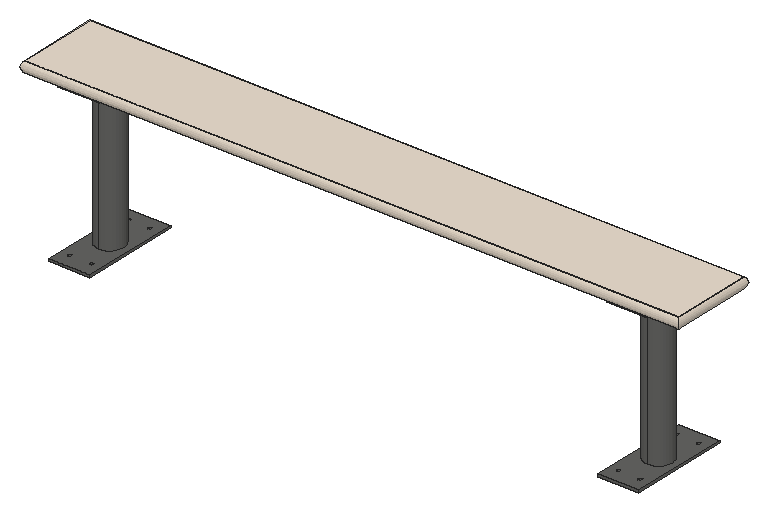
Revit family "Locker_Benches-Salsbury_Industries-Wood_77780_Series", category Specialty Equipment, Revit 2016
Family settings
  Part Type = Normal
  Round Connector Dimension = Use Diameter
  OmniClass Number = 23.40.00.00
  OmniClass Title = Equipment and Furnishings
  Work Plane-Based = No
  Always vertical = Yes
  Cut with Voids When Loaded = No
  Shared = No
  Room Calculation Point = No
Parameters (values of type "77786")
  Width = 72.000"
  Version = "1.0 (11/16/18)"
  URL = "www.lockers.com"
  Type Comments = "Wood Locker Bench"
  Pedestal Material = Aluminum - Salsbury Finish - Black Satin
  Primary Material [instance] = Butcher Block Wood - Salsbury Finish - Light
  Pedestal Offset = 6.000"
  OmniClass 23 Title = "Equipment and Furnishings"
  OmniClass 23 Number = "23.40.00.00"
  Model = "77786"
  MasterFormat Title = "Locker Room Benches"
  MasterFormat Number = "10 51 53"
  Manufacturer = "Salsbury Industries"
  Height = 18.000"
  Description = "72 Inches Wide"
  Depth = 9.500"
  Assembly Code = "C1030310"
Types (7): name | Width | Pedestal Offset | Model | Description
  (no name) | 72.000" | 6.000" | "77786" | "72 Inches Wide"
  77786 | 72.000" | 6.000" | "77786" | "72 Inches Wide"
  77787 | 84.000" | 12.000" | "77787" | "84 Inches Wide"
  77788 | 96.000" | 12.000" | "77788" | "96 Inches Wide"
  77785 | 60.000" | 6.000" | "77785" | "60 Inches Wide"
  77784 | 48.000" | 6.000" | "77784" | "48 Inches Wide"
  77783 | 36.000" | 6.000" | "77783" | "36 Inches Wide"
Reference planes (in)
  plane 1 "Center (Front/Back)": y = 0
  plane 2 "Floor": z = 0
  plane 3 "Center (Left/Right)": x = 0
  plane 4 "Back of Bench": y = -4.75
  plane 5 "Front Side of Bench": y = 4.75
  plane 6 "Right Side of Bench": x = 36
  plane 7 "Left Side of Bench": x = -36
  plane 8 "Top of Bench": z = 18
  plane 9: z = 16.8125
  plane 10: y = -4.2349
  plane 11: z = 17.9375
  plane 12 "Left Side of Trim Curve": x = -35.75
  plane 13 "Right Side of Trim Curve": x = 35.75
  plane 14 "Back of Trim Curve": y = -4.5
  plane 15 "Front of Trim Curve": y = 4.5
  plane 16 "Left Side of PLAM": x = -35.625
  plane 17 "Right Side of PLAM": x = 35.625
  plane 18: y = 4.125
  plane 19: y = -4.125
  plane 20 "Left Pedestal Center": x = -30
  plane 21 "Right Pedestal Center": x = 30
  plane 22: x = -32.25
  plane 23: x = -27.75
  plane 24: x = 27.75
  plane 25: x = 32.25
  plane 26: y = 4.25
  plane 27: y = -4.25
  plane 28: y = 5.5
  plane 29: y = -5.5
  plane 30 "Top of Bottom Pedestal Plate": z = 0.25
  plane 31 "Bottom of Top Pedestal Plate": z = 16.5625
  plane 32: y = -4
  plane 33: y = 4
  plane 34: x = -31.187
  plane 35: x = -28.813
  plane 36: x = 28.813
  plane 37: x = 31.187
  plane 38: x = -31.50135
  plane 39: x = -28.5
  plane 40: x = 28.5
  plane 41: x = 31.5
  plane 42: y = -1.49831
  plane 43: y = 1.5
  plane 44 "Front of PLAM": y = 4.375
  plane 45 "Back of PLAM": y = -4.375
  plane 46 "White Melamine Edge": z = 16.8435
  plane 47 "Left Edge of Support": x = -27.5
  plane 48 "Right Edge of Support": x = 27.5
  plane 49: y = -2.25
  plane 50: y = 2.25
  plane 51: z = 15.3125
  plane 52: y = -1.75
  plane 53: y = 1.75
  plane 54: y = -2.219
  plane 55: y = 2.219
  plane 56: y = 1.781
  plane 57: y = -1.781
  plane 58: z = 15.3435
  plane 59: z = 16.7815
Forms (in)
  Extrusion 1, solid, material "Aluminum - Salsbury Finish - Black Satin" <- "Pedestal Material"
    sketch origin (0, 0, 0) x (1, 0, 0) y (0, 1, 0)
      loop
        line (-32.25, 5.5) -> (-32.25, -5.5) -> (-27.75, -5.5) -> (-27.75, 5.5) -> (-32.25, 5.5)
    from 0 to 0.25
  Extrusion 2, solid, material "Aluminum - Salsbury Finish - Black Satin" <- "Pedestal Material"
    sketch origin (0, 0, 16.5625) x (0, -1, 0) y (1, 0, 0)
      loop
        line (-4.25, -32.25) -> (4.25, -32.25) -> (4.25, -27.75) -> (-4.25, -27.75) -> (-4.25, -32.25)
    from 0 to 0.25
  Extrusion 3, solid, material "Aluminum - Salsbury Finish - Black Satin" <- "Pedestal Material"
    sketch origin (0, 0, 0.25) x (0, -1, 0) y (1, 0, 0)
      loop
        circle (0, -30) r 1.5
    from 0 to 16.3125
  Extrusion 4, solid, material "Aluminum - Salsbury Finish - Black Satin" <- "Pedestal Material"
    sketch origin (0, 0, 0) x (-1, 0, 0) y (0, -1, 0)
      loop
        line (-32.25, -5.5) -> (-27.75, -5.5) -> (-27.75, 5.5) -> (-32.25, 5.5) -> (-32.25, -5.5)
    from 0 to 0.25
  Extrusion 5, solid, material "Aluminum - Salsbury Finish - Black Satin" <- "Pedestal Material"
    sketch origin (0, 0, 16.5625) x (0, -1, 0) y (1, 0, 0)
      loop
        line (-4.25, 32.25) -> (-4.25, 27.75) -> (4.25, 27.75) -> (4.25, 32.25) -> (-4.25, 32.25)
    from 0 to 0.25
  Extrusion 6, solid, material "Aluminum - Salsbury Finish - Black Satin" <- "Pedestal Material"
    sketch origin (0, 0, 0.25) x (0, -1, 0) y (1, 0, 0)
      loop
        circle (0, 30) r 1.5
    from 0 to 16.3125
  Extrusion 7, void
    sketch origin (0, 0, 0) x (1, 0, 0) y (0, 1, 0)
      loop
        circle (-31.187, 4) r 0.188
      loop
        circle (-28.813, 4) r 0.188
      loop
        circle (-31.187, -4) r 0.188
      loop
        circle (-28.813, -4) r 0.188
    from 0 to 0.25
  Extrusion 8, void
    sketch origin (0, 0, 0) x (-1, 0, 0) y (0, -1, 0)
      loop
        circle (-31.187, -4) r 0.188
      loop
        circle (-28.813, -4) r 0.188
      loop
        circle (-31.187, 4) r 0.188
      loop
        circle (-28.813, 4) r 0.188
    from 0 to 0.25
  Sweep 9, solid, material "Butcher Block Wood - Salsbury Finish - Light" <- "Primary Material"
    path origin (0, 0, 18) x (0, -1, 0) y (1, 0, 0)
      loop
        line (4.75, -36) -> (4.75, 36) -> (-4.75, 36) -> (-4.75, -36) -> (4.75, -36)
    profile origin (-36, 0, 18) x (-1, 0, 0) y (0, 0, 1)
      loop
        line (-0.25, 0) -> (-0.25, -1.1875)
        arc (-0.25, -1.1875) -> (0.00021, -0.59375) -> (-0.25, 0) r 0.8296
  Extrusion 10, solid, material "Butcher Block Wood - Salsbury Finish - Light" <- "Primary Material"
    sketch origin (0, 0, 18) x (0, -1, 0) y (1, 0, 0)
      loop
        line (-4.5, -35.75) -> (4.5, -35.75) -> (4.5, 35.75) -> (-4.5, 35.75) -> (-4.5, -35.75)
    from -1.1875 to 0
Cuts and joins
  Extrusion 7, Extrusion 8 cuts Extrusion 1
  Extrusion 8 cuts Extrusion 4
Lines and regions (in)
  symbolic lines
    curve 1: line (-32.25, 5.5, 0) -> (-27.75, 5.5, 0)
    curve 2: line (-27.75, 5.5, 0) -> (-27.75, 4.75, 0)
    curve 3: line (-32.25, 5.5, 0) -> (-32.25, 4.75, 0)
    curve 4: line (-32.25, -5.5, 0) -> (-27.75, -5.5, 0)
    curve 5: line (-27.75, -5.5, 0) -> (-27.75, -4.75, 0)
    curve 6: line (-32.25, -5.5, 0) -> (-32.25, -4.75, 0)
    curve 7: line (27.75, 5.5, 0) -> (32.25, 5.5, 0)
    curve 8: line (32.25, 5.5, 0) -> (32.25, 4.75, 0)
    curve 9: line (27.75, 5.5, 0) -> (27.75, 4.75, 0)
    curve 10: line (27.75, -5.5, 0) -> (32.25, -5.5, 0)
    curve 11: line (32.25, -5.5, 0) -> (32.25, -4.75, 0)
    curve 12: line (27.75, -5.5, 0) -> (27.75, -4.75, 0)
    curve 13: line (-36, 0, 18) -> (36, 0, 18)
    curve 14: line (-36, 0, 16.8125) -> (-36, 0, 18)
    curve 15: line (36, 0, 16.8125) -> (-36, 0, 16.8125)
    curve 16: line (36, 0, 18) -> (36, 0, 16.8125)
    curve 17: line (-32.25, 0, 16.5625) -> (-27.75, 0, 16.5625)
    curve 18: line (-32.25, 0, 16.8125) -> (-32.25, 0, 16.5625)
    curve 19: line (-27.75, 0, 16.5625) -> (-27.75, 0, 16.8125)
    curve 20: line (-32.25, 0, 0.25) -> (-27.75, 0, 0.25)
    curve 21: line (-32.25, 0, 0) -> (-32.25, 0, 0.25)
    curve 22: line (-27.75, 0, 0) -> (-32.25, 0, 0)
    curve 23: line (-27.75, 0, 0.25) -> (-27.75, 0, 0)
    curve 24: line (-31.50135, 0, 0.25) -> (-31.50135, 0, 16.5625)
    curve 25: line (-28.5, 0, 0.25) -> (-28.5, 0, 16.5625)
    curve 26: line (27.75, 0, 16.5625) -> (27.75, 0, 16.8125)
    curve 27: line (32.25, 0, 16.5625) -> (27.75, 0, 16.5625)
    curve 28: line (32.25, 0, 16.8125) -> (32.25, 0, 16.5625)
    curve 29: line (27.75, 0, 0.25) -> (32.25, 0, 0.25)
    curve 30: line (27.75, 0, 0) -> (27.75, 0, 0.25)
    curve 31: line (32.25, 0, 0) -> (27.75, 0, 0)
    curve 32: line (32.25, 0, 0.25) -> (32.25, 0, 0)
    curve 33: line (28.5, 0, 0.25) -> (28.5, 0, 16.5625)
    curve 34: line (31.5, 0, 0.25) -> (31.5, 0, 16.5625)
    curve 35: line (36, -4.75, 18) -> (36, 4.75, 18)
    curve 36: line (36, -4.75, 16.8125) -> (36, -4.75, 18)
    curve 37: line (36, 4.75, 16.8125) -> (36, -4.75, 16.8125)
    curve 38: line (36, 4.75, 18) -> (36, 4.75, 16.8125)
    curve 39: line (36, -4.25, 16.5625) -> (36, -4.25, 16.8125)
    curve 40: line (36, 4.25, 16.5625) -> (36, -4.25, 16.5625)
    curve 41: line (36, 4.25, 16.8125) -> (36, 4.25, 16.5625)
    curve 42: line (36, -5.5, 0.25) -> (36, 5.5, 0.25)
    curve 43: line (36, -5.5, 0) -> (36, -5.5, 0.25)
    curve 44: line (36, 5.5, 0) -> (36, -5.5, 0)
    curve 45: line (36, 5.5, 0.25) -> (36, 5.5, 0)
    curve 46: line (36, 1.5, 0.25) -> (36, 1.5, 16.5625)
    curve 47: line (36, -1.49831, 0.25) -> (36, -1.49831, 16.5625)
    curve 48: line (-36, 4.75, 18) -> (36, 4.75, 18)
    curve 49: line (-36, -4.75, 18) -> (-36, 4.75, 18)
    curve 50: line (36, -4.75, 18) -> (-36, -4.75, 18)
    curve 51: line (36, 4.75, 18) -> (36, -4.75, 18)
Dimensions and locks (in)
  equal spacing: plane 7 "Left Side of Bench", plane 3 "Center (Left/Right)", plane 6 "Right Side of Bench"
  "Width": plane 7 "Left Side of Bench" to plane 6 "Right Side of Bench"
  equal spacing: plane 4 "Back of Bench", plane 1 "Center (Front/Back)", plane 5 "Front Side of Bench"
  "Depth": plane 4 "Back of Bench" to plane 5 "Front Side of Bench"
  "Height": plane 8 "Top of Bench" to plane 2 "Floor"
  locked: plane 9 to plane 8 "Top of Bench" at 1.1875
  locked: plane 11 to plane 8 "Top of Bench" at 0.0625
  locked: plane 7 "Left Side of Bench" to plane 12 "Left Side of Trim Curve" at 0.25
  locked: plane 13 "Right Side of Trim Curve" to plane 6 "Right Side of Bench" at 0.25
  plane 4 "Back of Bench" to plane 14 "Back of Trim Curve" to plane 45 "Back of PLAM" = 0.250" locked, 0.125" locked
  plane 44 "Front of PLAM" to plane 15 "Front of Trim Curve" to plane 5 "Front Side of Bench" = 0.125" locked, 0.250" locked
  locked: plane 12 "Left Side of Trim Curve" to plane 16 "Left Side of PLAM" at 0.125
  locked: plane 17 "Right Side of PLAM" to plane 13 "Right Side of Trim Curve" at 0.125
  locked: plane 18 to plane 5 "Front Side of Bench" at 0.625
  locked: plane 4 "Back of Bench" to plane 19 at 0.625
  "Pedestal Offset": plane 7 "Left Side of Bench" to plane 20 "Left Pedestal Center"
  "Pedestal Offset": plane 21 "Right Pedestal Center" to plane 6 "Right Side of Bench"
  plane 24 to plane 21 "Right Pedestal Center" to plane 25 = 2.250" locked, 2.250" locked
  plane 22 to plane 20 "Left Pedestal Center" to plane 23 = 2.250" locked, 2.250" locked
  plane 27 to plane 1 "Center (Front/Back)" to plane 26 = 4.250" locked, 4.250" locked
  plane 29 to plane 1 "Center (Front/Back)" to plane 28 = 5.500" locked, 5.500" locked
  locked: plane 30 "Top of Bottom Pedestal Plate" to plane 2 "Floor" at 0.25
  locked: plane 9 to plane 31 "Bottom of Top Pedestal Plate" at 0.25
  locked: plane 33 to plane 28 at 1.5
  locked: plane 29 to plane 32 at 1.5
  locked: plane 22 to plane 34 at 1.063
  locked: plane 35 to plane 23 at 1.063
  locked: plane 24 to plane 36 at 1.063
  locked: plane 37 to plane 25 at 1.063
  locked: plane 22 to plane 38 at 0.74865
  locked: plane 39 to plane 23 at 0.75
  locked: plane 24 to plane 40 at 0.75
  locked: plane 41 to plane 25 at 0.75
  locked: plane 9 to plane 46 "White Melamine Edge" at 0.031
  locked: plane 23 to plane 47 "Left Edge of Support" at 0.25
  locked: plane 48 "Right Edge of Support" to plane 24 at 0.25
  plane 49 to plane 1 "Center (Front/Back)" to plane 50 = 2.250" locked, 2.250" locked
  locked: plane 51 to plane 9 at 1.5
  locked: plane 49 to plane 52 at 0.5
  locked: plane 53 to plane 50 at 0.5
  locked: plane 51 to plane 58 at 0.031
  locked: plane 55 to plane 50 at 0.031
  locked: plane 53 to plane 56 at 0.031
  locked: plane 49 to plane 54 at 0.031
  locked: plane 57 to plane 52 at 0.031
  locked: plane 59 to plane 9 at 0.031
  aligned and locked: plane 2 "Floor" to level
  aligned and locked: Extrusion 1 sketch curve to plane 28
  aligned and locked: Extrusion 1 sketch curve to plane 22
  aligned and locked: plane 29 to Extrusion 1 sketch curve
  aligned and locked: plane 23 to Extrusion 1 sketch curve
  aligned and locked: Extrusion 1 to plane 30 "Top of Bottom Pedestal Plate"
  aligned and locked: Extrusion 1 to plane 2 "Floor"
  aligned and locked: Extrusion 2 sketch curve to plane 26
  aligned and locked: plane 22 to Extrusion 2 sketch curve
  aligned and locked: plane 27 to Extrusion 2 sketch curve
  aligned and locked: Extrusion 2 sketch curve to plane 23
  aligned and locked: plane 31 "Bottom of Top Pedestal Plate" to Extrusion 2
  aligned and locked: Extrusion 2 to plane 9
  aligned and locked: plane 20 "Left Pedestal Center" to Extrusion 3 sketch curve
  aligned and locked: plane 1 "Center (Front/Back)" to Extrusion 3 sketch curve
  aligned and locked: plane 30 "Top of Bottom Pedestal Plate" to Extrusion 3
  aligned and locked: Extrusion 3 to plane 31 "Bottom of Top Pedestal Plate"
  aligned and locked: Extrusion 4 sketch curve to plane 28
  aligned and locked: plane 24 to Extrusion 4 sketch curve
  aligned and locked: Extrusion 4 sketch curve to plane 25
  aligned and locked: plane 29 to Extrusion 4 sketch curve
  aligned and locked: Extrusion 4 to plane 2 "Floor"
  aligned and locked: plane 24 to Extrusion 5 sketch curve
  aligned and locked: Extrusion 5 sketch curve to plane 26
  aligned and locked: plane 27 to Extrusion 5 sketch curve
  aligned and locked: Extrusion 5 sketch curve to plane 25
  aligned and locked: Extrusion 5 to plane 9
  aligned and locked: plane 31 "Bottom of Top Pedestal Plate" to Extrusion 5
  aligned and locked: plane 21 "Right Pedestal Center" to Extrusion 6 sketch curve
  aligned and locked: plane 1 "Center (Front/Back)" to Extrusion 6 sketch curve
  aligned and locked: plane 34 to Extrusion 7 sketch curve  (x2)
  aligned and locked: plane 33 to Extrusion 7 sketch curve  (x2)
  aligned and locked: plane 35 to Extrusion 7 sketch curve  (x2)
  aligned and locked: plane 32 to Extrusion 7 sketch curve  (x2)
  aligned and locked: Extrusion 7 to plane 30 "Top of Bottom Pedestal Plate"
  aligned and locked: Extrusion 7 to plane 2 "Floor"
  aligned and locked: Extrusion 8 to plane 2 "Floor"
  aligned and locked: Extrusion 8 to plane 30 "Top of Bottom Pedestal Plate"
  aligned and locked: Extrusion 8 sketch curve to plane 33  (x2)
  aligned and locked: plane 36 to Extrusion 8 sketch curve  (x2)
  aligned and locked: plane 37 to Extrusion 8 sketch curve  (x2)
  aligned and locked: Extrusion 8 sketch curve to plane 32  (x2)
  aligned and locked: Extrusion 6 to plane 31 "Bottom of Top Pedestal Plate"
  aligned and locked: plane 30 "Top of Bottom Pedestal Plate" to Extrusion 6
  aligned and locked: curve 1 to plane 28
  aligned and locked: curve 2 to plane 28
  aligned and locked: plane 5 "Front Side of Bench" to curve 2
  aligned and locked: plane 23 to curve 2
  aligned and locked: plane 22 to curve 3
  aligned and locked: curve 4 to plane 29
  aligned and locked: curve 5 to plane 23
  aligned and locked: curve 6 to plane 22
  aligned and locked: plane 28 to curve 7
  aligned and locked: plane 24 to curve 9
  aligned and locked: plane 28 to curve 8
  aligned and locked: plane 25 to curve 8
  aligned and locked: plane 29 to curve 10
  aligned and locked: curve 12 to plane 24
  aligned and locked: plane 4 "Back of Bench" to curve 11
  aligned and locked: curve 11 to plane 25
  aligned and locked: curve 14 to plane 7 "Left Side of Bench"
  aligned and locked: plane 6 "Right Side of Bench" to curve 16
  aligned and locked: curve 13 to plane 8 "Top of Bench"
  aligned and locked: curve 15 to plane 9
  aligned and locked: plane 31 "Bottom of Top Pedestal Plate" to curve 17
  aligned and locked: curve 19 to plane 23
  aligned and locked: plane 22 to curve 18
  aligned and locked: plane 2 "Floor" to curve 22
  aligned and locked: plane 23 to curve 23
  aligned and locked: plane 30 "Top of Bottom Pedestal Plate" to curve 20
  aligned and locked: curve 21 to plane 22
  aligned and locked: plane 30 "Top of Bottom Pedestal Plate" to curve 24
  aligned and locked: plane 31 "Bottom of Top Pedestal Plate" to curve 24
  aligned and locked: curve 24 to plane 38
  aligned and locked: curve 25 to plane 39
  aligned and locked: curve 27 to plane 31 "Bottom of Top Pedestal Plate"
  aligned and locked: curve 26 to plane 24
  aligned and locked: plane 25 to curve 28
  aligned and locked: plane 2 "Floor" to curve 31
  aligned and locked: curve 30 to plane 24
  aligned and locked: plane 25 to curve 32
  aligned and locked: plane 30 "Top of Bottom Pedestal Plate" to curve 29
  aligned and locked: plane 30 "Top of Bottom Pedestal Plate" to curve 33
  aligned and locked: plane 31 "Bottom of Top Pedestal Plate" to curve 33
  aligned and locked: curve 33 to plane 40
  aligned and locked: curve 34 to plane 41
  aligned and locked: plane 5 "Front Side of Bench" to curve 38
  aligned and locked: curve 36 to plane 4 "Back of Bench"
  aligned and locked: plane 26 to curve 41
  aligned and locked: curve 39 to plane 27
  aligned and locked: plane 2 "Floor" to curve 44
  aligned and locked: plane 28 to curve 45
  aligned and locked: curve 43 to plane 29
  aligned and locked: plane 30 "Top of Bottom Pedestal Plate" to curve 46
  aligned and locked: plane 31 "Bottom of Top Pedestal Plate" to curve 46
  aligned and locked: plane 30 "Top of Bottom Pedestal Plate" to curve 47
  aligned and locked: plane 31 "Bottom of Top Pedestal Plate" to curve 47
  aligned and locked: curve 46 to plane 43
  aligned and locked: curve 47 to plane 42
  aligned and locked: plane 8 "Top of Bench" to curve 35
  aligned and locked: curve 37 to plane 9
  aligned and locked: Sweep 9 sketch curve to plane 5 "Front Side of Bench"
  aligned and locked: Sweep 9 sketch curve to plane 7 "Left Side of Bench"
  aligned and locked: Sweep 9 sketch curve to plane 6 "Right Side of Bench"
  aligned and locked: Sweep 9 sketch curve to plane 4 "Back of Bench"
  aligned and locked: Extrusion 10 to plane 8 "Top of Bench"
  aligned and locked: curve 50 to plane 4 "Back of Bench"
  aligned and locked: plane 6 "Right Side of Bench" to curve 51
  aligned and locked: curve 49 to plane 7 "Left Side of Bench"
  aligned and locked: plane 5 "Front Side of Bench" to curve 48
  aligned and locked: plane 9 to Extrusion 10
  aligned and locked: plane 12 "Left Side of Trim Curve" to Sweep 9 sketch curve
  aligned and locked: plane 13 "Right Side of Trim Curve" to Extrusion 10 sketch curve
  aligned and locked: Extrusion 10 sketch curve to plane 14 "Back of Trim Curve"
  aligned and locked: plane 15 "Front of Trim Curve" to Extrusion 10 sketch curve
  aligned and locked: Extrusion 10 sketch curve to plane 12 "Left Side of Trim Curve"
Automatic sketch dimensions
  plane 5 "Front Side of Bench" to curve 9 = 0.000"
  plane 5 "Front Side of Bench" to curve 8 = 0.000"
  plane 5 "Front Side of Bench" to curve 3 = 0.000"
  plane 4 "Back of Bench" to curve 5 = 0.000"
  plane 4 "Back of Bench" to curve 6 = 0.000"
  plane 4 "Back of Bench" to curve 12 = 0.000"
  Sweep 9 sketch curve to plane 8 "Top of Bench" = 0.000"
  Sweep 9 sketch curve to Sweep 9 sketch curve = 0.57939"
  Sweep 9 sketch curve to Sweep 9 sketch curve = 0.59375"
  radius of Extrusion 3 sketch curve = 1.500"
  radius of Extrusion 6 sketch curve = 1.500"
  radius of Extrusion 7 sketch curve = 0.188"  (x4)
  radius of Extrusion 8 sketch curve = 0.188"  (x4)
